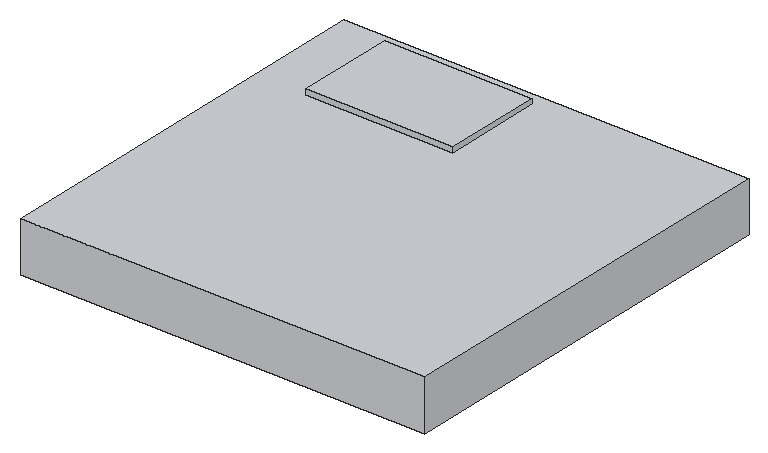
Revit family
Parameters
  Width = 2' - 0"
  URL = "www.coldspringgranite.com"
  TypicalJointSize = 0' - 1"
  StoneMaterial = none
  Product Name = "Countertop Stone Panels with Square Front Edge"
  Product Documentation Link = "http://www.coldspringgranite.com/BIM_Families/Family_Detail/Countertop_Stone_Panels_with_Square_Front_Edge/"
  PhoneNumber = "800-551-7502"
  Notes = ""
  Model = "N/A"
  Manufacturer = "Cold Spring Granite Company"
  Low Emitting Material = yes
  Low Emitting Finish = yes
  Location = "17482 Granite West Road, Cold Spring, MN 56320-4578"
  Length [instance] = 3' - 0"
  LEED Credit = ""
  Keynote = "123640"
  JointBackOff = no
  JointBack = if(JointBackOff, 0' 0", TypicalJointSize / 2)  # 0' - 0 1/2"
  JointRightOff = no
  JointRight = if(JointRightOff, 0' 0", TypicalJointSize / 2)  # 0' - 0 1/2"
  JointLeftOff = no
  JointLeft = if(JointLeftOff, 0' 0", TypicalJointSize / 2)  # 0' - 0 1/2"
  Height = 0' - 1 3/16"
  Description = "Stone Countertop Square Front Edge"
  CountertopHeight = 2' - 10"
  Default Elevation = 0' - 0"
  Assembly Code = "C1030400"
Reference planes (in)
  plane 1 "Center (Front/Back)": y = 0
  plane 2: z = 0
  plane 3 "Center (Left/Right)": x = 0
  plane 4 "StoneLeft": x = 0.5
  plane 5 "StoneRight": x = 35.5
  plane 6 "JointRightCenter": x = 36
  plane 7 "StoneBack": y = -0.5
  plane 8 "StoneFront": y = -24
  plane 9 "StoneTop": z = 34
  plane 10 "StoneBottom": z = 32.8125
Forms (in)
  Extrusion 1, solid
    sketch origin (0, 0, 0) x (1, 0, 0) y (0, 1, 0)
      loop
        line (-48, 48) -> (-48, -48) -> (48, -48) -> (48, 48) -> (-48, 48)
    from 0 to -12
  Extrusion 2, solid, material <- "StoneMaterial", detail levels coarse
    sketch origin (0, 0, 0) x (1, 0, 0) y (0, 1, 0)
      loop
        line (0, -24) -> (36, -24) -> (36, 0) -> (0, 0) -> (0, -24)
    from 32.8125 to 34
  Extrusion 3, solid, material <- "StoneMaterial", detail levels medium+fine
    sketch origin (0, 0, 0) x (1, 0, 0) y (0, 1, 0)
      loop
        line (0.5, -24) -> (35.5, -24) -> (35.5, -0.5) -> (0.5, -0.5) -> (0.5, -24)
    from 32.8125 to 34
Lines and regions (in)
  Masking region 1, detail levels coarse
    outline origin (0, 0, 34) x (-1, 0, 0) y (0, -1, 0)
      loop
        line (0, 24) -> (-36, 24) -> (-36, 0) -> (0, 0) -> (0, 24)
  Masking region 2, detail levels medium+fine
    outline origin (0, 0, 34) x (-1, 0, 0) y (0, -1, 0)
      loop
        line (-0.5, 24) -> (-35.5, 24) -> (-35.5, 0.5) -> (-0.5, 0.5) -> (-0.5, 24)
  Masking region 3, detail levels coarse
    outline origin (0, -24, 0) x (-1, 0, 0) y (0, 0, 1)
      loop
        line (0, 34) -> (-36, 34) -> (-36, 32.8125) -> (0, 32.8125) -> (0, 34)
  Masking region 4, detail levels medium+fine
    outline origin (0, -24, 0) x (-1, 0, 0) y (0, 0, 1)
      loop
        line (-0.5, 34) -> (-35.5, 34) -> (-35.5, 32.8125) -> (-0.5, 32.8125) -> (-0.5, 34)
  Masking region 5, detail levels coarse
    outline origin (0.5, 0, 0) x (0, 1, 0) y (0, 0, 1)
      loop
        line (0, 34) -> (-24, 34) -> (-24, 32.8125) -> (0, 32.8125) -> (0, 34)
  Masking region 6, detail levels medium+fine
    outline origin (0.5, 0, 0) x (0, 1, 0) y (0, 0, 1)
      loop
        line (-0.5, 34) -> (-24, 34) -> (-24, 32.8125) -> (-0.5, 32.8125) -> (-0.5, 34)
Dimensions and locks (in)
  "JointBack": plane 1 "Center (Front/Back)" to plane 7 "StoneBack"
  "Width": plane 8 "StoneFront" to plane 1 "Center (Front/Back)"
  "Length": plane 3 "Center (Left/Right)" to plane 6 "JointRightCenter"
  "JointLeft": plane 3 "Center (Left/Right)" to plane 4 "StoneLeft"
  "JointRight": plane 5 "StoneRight" to plane 6 "JointRightCenter"
  "Height": plane 9 "StoneTop" to plane 10 "StoneBottom"
  "CountertopHeight": plane 9 "StoneTop" to Extrusion 1
  aligned and locked: plane 2 to Extrusion 1
  aligned and locked: level to Extrusion 1
  aligned and locked: Extrusion 2 to plane 1 "Center (Front/Back)"
  aligned and locked: Extrusion 2 to plane 6 "JointRightCenter"
  aligned and locked: Extrusion 2 to plane 8 "StoneFront"
  aligned and locked: Extrusion 2 to plane 3 "Center (Left/Right)"
  aligned and locked: plane 9 "StoneTop" to Extrusion 2
  aligned and locked: Extrusion 2 to plane 10 "StoneBottom"
  aligned and locked: plane 7 "StoneBack" to Extrusion 3
  aligned and locked: plane 5 "StoneRight" to Extrusion 3
  aligned and locked: Extrusion 3 to plane 8 "StoneFront"
  aligned and locked: Extrusion 3 to plane 4 "StoneLeft"
  aligned and locked: plane 9 "StoneTop" to Extrusion 3
  aligned and locked: Extrusion 3 to plane 10 "StoneBottom"
  aligned and locked: Masking region 1 to plane 1 "Center (Front/Back)"
  aligned and locked: Masking region 1 to plane 6 "JointRightCenter"
  aligned and locked: Masking region 1 to plane 8 "StoneFront"
  aligned and locked: Masking region 1 to plane 3 "Center (Left/Right)"
  aligned and locked: plane 7 "StoneBack" to Masking region 2
  aligned and locked: plane 5 "StoneRight" to Masking region 2
  aligned and locked: Masking region 2 to plane 8 "StoneFront"
  aligned and locked: Masking region 2 to plane 4 "StoneLeft"
  aligned and locked: Masking region 3 to plane 3 "Center (Left/Right)"
  aligned and locked: Masking region 3 to plane 6 "JointRightCenter"
  aligned and locked: plane 9 "StoneTop" to Masking region 3
  aligned and locked: Masking region 3 to plane 10 "StoneBottom"
  aligned and locked: Masking region 4 to plane 4 "StoneLeft"
  aligned and locked: plane 5 "StoneRight" to Masking region 4
  aligned and locked: plane 9 "StoneTop" to Masking region 4
  aligned and locked: Masking region 4 to plane 10 "StoneBottom"
  aligned and locked: plane 1 "Center (Front/Back)" to Masking region 5
  aligned and locked: Masking region 5 to plane 9 "StoneTop"
  aligned and locked: plane 8 "StoneFront" to Masking region 5
  aligned and locked: plane 10 "StoneBottom" to Masking region 5
  aligned and locked: Masking region 6 to plane 7 "StoneBack"
  aligned and locked: Masking region 6 to plane 9 "StoneTop"
  aligned and locked: plane 8 "StoneFront" to Masking region 6
  aligned and locked: plane 10 "StoneBottom" to Masking region 6
Automatic sketch dimensions
  Extrusion 1 sketch curve to Extrusion 1 sketch curve = 8' - 0"  (x2)
  Extrusion 2 sketch curve to plane 4 "StoneLeft" = 0' - 0 1/2"
  Extrusion 2 sketch curve to plane 8 "StoneFront" = 0' - 0"
  plane 5 "StoneRight" to Extrusion 2 sketch curve = 0' - 0 1/2"
  plane 7 "StoneBack" to Extrusion 2 sketch curve = 0' - 0 1/2"
  Extrusion 3 sketch curve to plane 4 "StoneLeft" = 0' - 0"
  Extrusion 3 sketch curve to plane 8 "StoneFront" = 0' - 0"
  plane 5 "StoneRight" to Extrusion 3 sketch curve = 0' - 0"
  plane 7 "StoneBack" to Extrusion 3 sketch curve = 0' - 0"
  Masking region 2 sketch curve to plane 5 "StoneRight" = 0' - 0"
  Masking region 2 sketch curve to plane 4 "StoneLeft" = 0' - 0"
  Masking region 2 sketch curve to plane 7 "StoneBack" = 0' - 0"
  Masking region 2 sketch curve to plane 8 "StoneFront" = 0' - 0"
  Masking region 1 sketch curve to plane 6 "JointRightCenter" = 0' - 0"
  plane 1 "Center (Front/Back)" to Masking region 1 sketch curve = 0' - 0"
  Masking region 1 sketch curve to plane 3 "Center (Left/Right)" = 0' - 0"
  Masking region 1 sketch curve to plane 8 "StoneFront" = 0' - 0"
  Masking region 6 sketch curve to plane 8 "StoneFront" = 0' - 0"
  Masking region 6 sketch curve to plane 7 "StoneBack" = 0' - 0"
  Masking region 6 sketch curve to plane 10 "StoneBottom" = 0' - 0"
  Masking region 6 sketch curve to plane 9 "StoneTop" = 0' - 0"
  Masking region 5 sketch curve to plane 8 "StoneFront" = 0' - 0"
  Masking region 5 sketch curve to plane 1 "Center (Front/Back)" = 0' - 0"
  Masking region 5 sketch curve to plane 10 "StoneBottom" = 0' - 0"
  Masking region 5 sketch curve to plane 9 "StoneTop" = 0' - 0"
  Masking region 4 sketch curve to plane 5 "StoneRight" = 0' - 0"
  Masking region 4 sketch curve to plane 4 "StoneLeft" = 0' - 0"
  Masking region 4 sketch curve to plane 10 "StoneBottom" = 0' - 0"
  Masking region 4 sketch curve to plane 9 "StoneTop" = 0' - 0"
  plane 6 "JointRightCenter" to Masking region 3 sketch curve = 0' - 0"
  Masking region 3 sketch curve to plane 3 "Center (Left/Right)" = 0' - 0"
  Masking region 3 sketch curve to plane 10 "StoneBottom" = 0' - 0"
  Masking region 3 sketch curve to plane 9 "StoneTop" = 0' - 0"
Nested families (in)
  nested 1: "CopyRight" at (0, 0, 0), type "CopyRight"
Definition of nested family "CopyRight"
  Parameters (values of type "CopyRight")
    CopyRight = "Cold Spring Granite Company"
  Reference planes (in)
    plane 1: z = 0
